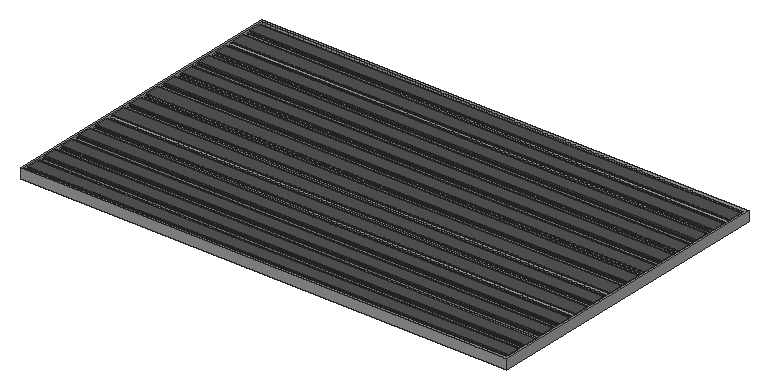
Revit family "Flooring_Entrance-Flooring_emco_MARSCHALL-Premium", category Furniture Systems, host Face, Revit 2018
Family settings
  Host = Face
  Round Connector Dimension = Use Diameter
  Part Type = Normal
  OmniClass Number = 23.15.17.11.11
  OmniClass Title = Floor Toppings
  Cut with Voids When Loaded = No
  Shared = No
  Room Calculation Point = No
Parameters (values of type "Default - please load Revit Family Type Catalog")
  z_slot_width = if(Scraping edge, 15 mm, if(Brush strip, 19.5 mm, 5 mm))  # 5 mm
  z_slot_offest = z_insert_width + z_slot_width / 2  # 32.5 mm
  z_slot_no [instance] = z_insert_no - 1  # 13
  z_length_param [instance] = z_insert_no * z_insert_offset - z_insert_offset + z_insert_width + 10 mm  # 495 mm
  z_insert_length [instance] = Width - 10 mm  # 790 mm
  z_insert_width = if(Large, 46.5 mm, 30 mm)  # 30 mm
  z_insert_offset = z_insert_width + z_slot_width  # 35 mm
  z_insert_no [instance] = rounddown((Length - 10 mm - z_insert_width) / z_insert_offset) + 1  # 14
  z_edge_height = if(Height 12, 15.5 mm, if(Height 17, 20 mm, 25 mm))  # 15.5 mm
  z_Height = if(Height 12, 12 mm, if(Height 17, 17 mm, 22 mm))  # 12 mm
  Width [instance] = 800 mm
  Weight (kg/m2) = 14.3
  Version = 1
  URL = "https://www.emco-bau.com/en/"
  Tread surface = "The robust and exceptionally abrasion-resistant Care insert for the effective reduction of fine dirt."
  Standard profile clearance approx. (mm) = "5 mm, rubber spacers"  # constant formula
  Slip resistance = "R 12 slip resistance as per DIN 51130"
  Scraping edge = no
  Profile width (mm) = "46.5 mm"
  Profile Material = Emco - Metal - Aluminium
  Product data url = "https://bimobject.com/emco-bautechnik-gmbh/product/emco-marschall-premium"
  Product Material info [instance] = "Please choose the material from Emco material library according to the selected type."  # constant formula
  Product Material [instance] = Emco - Fabric - Care - 47.01 Anthracite
  Pile material = "100% PA 6 (polyamide)"
  Normal = not(Large)  # yes
  Model = "Large With Care insert 522 PSL Care"
  Manufacturer = "Emco"  # constant formula
  Length [instance] = 500 mm
  Large = no
  Keynote = "12480.A1"
  Height 22 = no
  Height 17 = no
  Height 12 = yes
  Flammability = "Fire classification for the complete mat system Cfl-s1 in accordance with EN 13501"
  EPIMID = "99909"
  Description = "Rollable and hard-wearing premium entrance mat with performance insert for supported installation options."  # constant formula
  Default Elevation = 1219.2 mm
  Date Updated = "2023/08/22"  # constant formula
  Date Created = "2023/08/22"  # constant formula
  Colour fastness to water ISO 105 E01 = "good 4-5"
  Colour fastness to rubbing ISO 105 X12 = "good 4-5"
  Colour fastness to artificial light ISO 105-B02 = "good 5-6"
  Brush strip Colour Info [instance] = "Black or Gray"  # constant formula
  Brush strip Colour [instance] = Emco - Brush - Black
  Brush strip = no
  Assembly Code = "E2010400"
Reference planes
  plane 1 "Center (Front/Back)": y = 0
  plane 2: z = 0
  plane 3 "Center (Left/Right)": x = 0
  plane 4: y = -247.5
  plane 5: y = 247.5
  plane 6: y = 250
  plane 7: y = -250
  plane 8: x = -400
  plane 9: x = 400
  plane 10: z = -12.5
  plane 11: y = -242.5
  plane 12: z = -15.5
  plane 13: y = -210
Forms (mm)
  Extrusion 1, void
    sketch origin (0, 0, 0) x (1, 0, 0) y (0, 1, 0)
      loop
        line (-400, -247.5) -> (400, -247.5) -> (400, 247.5) -> (-400, 247.5) -> (-400, -247.5)
    from -15.5 to 0
  Sweep 2, solid, material "Emco - Metal - Aluminium" <- "Profile Material"
    path origin (0, 0, 0) x (1, 0, 0) y (0, 1, 0)
      loop
        line (-400, 247.5) -> (-400, -247.5) -> (400, -247.5) -> (400, 247.5) -> (-400, 247.5)
    profile origin (0, 247.5, 0) x (0, 1, 0) y (0, 0, 1)
      loop
        line (-16.883, -12.5) -> (-16.883, -15.5) -> (0, -15.5) -> (0, 0) -> (-3.039, 0) -> (-3.039, -12.5) -> (-16.883, -12.5)
Lines and regions (mm)
  Masking region 1
    outline origin (0, 0, 0) x (1, 0, 0) y (0, 1, 0)
      loop
        line (-400, -247.5) -> (400, -247.5) -> (400, 247.5) -> (-400, 247.5) -> (-400, -247.5)
      loop
        line (-395, 242.5) -> (-395, -242.5) -> (395, -242.5) -> (395, 242.5) -> (-395, 242.5)
  reference lines
    curve 1: line (0, 0, -15.5) -> (0, 0, 4.5)
Dimensions and locks
  equal spacing: plane 5, plane 1 "Center (Front/Back)", plane 4
  "z_length_param": plane 5 to plane 4
  equal spacing: plane 6, plane 1 "Center (Front/Back)", plane 7
  "Length": plane 6 to plane 7
  equal spacing: plane 8, plane 3 "Center (Left/Right)", plane 9
  "Width": plane 8 to plane 9
  locked: plane 10 to Sweep 2 sketch curve at 3
  "z_edge_height": Sweep 2 sketch curve to Sweep 2 sketch curve
  locked: Sweep 2 sketch curve to profile plane at 3.039
  locked: plane 11 to plane 4 at 5
  locked: plane 12 to plane 10 at 3
  "z_edge_height": level to plane 12
  "z_slot_offest": plane 13 to plane 11
  equal spacing: group 2, group 3, group 4, group 5, group 6, group 7, group 8, group 9, group 18, group 19, group 20, group 21, group 22  (x3)
  "z_insert_offset": nested 3 to plane 13
  locked: nested 1 to plane 4 at 5
  locked: plane 8 to Masking region 1 sketch curve at 5
  locked: plane 5 to Masking region 1 sketch curve at 5
  locked: Masking region 1 sketch curve to plane 9 at 5
  equal spacing: group 1, group 10, group 11, group 12, group 13, group 14, group 15, group 16, group 17, group 23, group 24, group 25, group 26, group 27  (x3)
  "z_insert_offset": plane 11 to nested 10
  aligned and locked: plane 2 to host face
  aligned and locked: level to host face
  aligned and locked: Extrusion 1 sketch curve to plane 4
  aligned and locked: Extrusion 1 sketch curve to plane 8
  aligned and locked: plane 5 to Extrusion 1 sketch curve
  aligned and locked: plane 9 to Extrusion 1 sketch curve
  aligned and locked: Sweep 2 sketch curve to plane 5
  aligned and locked: plane 8 to Sweep 2 sketch curve
  aligned and locked: plane 4 to Sweep 2 sketch curve
  aligned and locked: Sweep 2 sketch curve to plane 9
  aligned and locked: plane 10 to Sweep 2 sketch curve
  aligned and locked: Sweep 2 sketch curve to profile plane
  aligned and locked: nested 1 to plane 11
  aligned and locked: Extrusion 1 to Sweep 2
  aligned and locked: nested 2 to plane 13
  aligned and locked: nested 2 to plane 10
  aligned and locked: nested 3 to plane 10
  aligned and locked: Masking region 1 sketch curve to Sweep 2  (x4)
  aligned and locked: nested 1 to plane 10  (x2)
  aligned and locked: nested 10 to plane 10
Automatic sketch dimensions
  host sketch curve to host sketch curve = 2438.4 mm  (x2)
  Masking region 1 sketch curve to plane 11 = 0 mm
  curve 1 to plane 1 "Center (Front/Back)" = 0 mm
  plane 12 to curve 1 = 0 mm
  level to curve 1 = 4.5 mm
  Sweep 2 sketch curve to Sweep 2 sketch curve = 13.844 mm
Nested families
  nested 1: "Insert Marschall" at (0, -242.5, -12.5), type "Insert"
    with Normal yes, Large no
  nested 2: "Insert additional" at (0, -210, -12.5), type "Insert"
    with Insert width 5 mm, None yes, Insert length 790 mm, Brush strip no
  nested 3: "Insert additional" at (0, -175, -12.5), type "Insert"
    with Insert width 5 mm, None yes, Insert length 790 mm, Brush strip no
  nested 4: "Insert additional" at (0, -140, -12.5), type "Insert"
    with Insert width 5 mm, None yes, Insert length 790 mm, Brush strip no
  nested 5: "Insert additional" at (0, -105, -12.5), type "Insert"
    with Insert width 5 mm, None yes, Insert length 790 mm, Brush strip no
  nested 6: "Insert additional" at (0, -70, -12.5), type "Insert"
    with Insert width 5 mm, None yes, Insert length 790 mm, Brush strip no
  nested 7: "Insert additional" at (0, -35, -12.5), type "Insert"
    with Insert width 5 mm, None yes, Insert length 790 mm, Brush strip no
  nested 8: "Insert additional" at (0, 0, -12.5), type "Insert"
    with Insert width 5 mm, None yes, Insert length 790 mm, Brush strip no
  nested 9: "Insert additional" at (0, 35, -12.5), type "Insert"
    with Insert width 5 mm, None yes, Insert length 790 mm, Brush strip no
  nested 10: "Insert Marschall" at (0, -207.5, -12.5), type "Insert"
    with Normal yes, Large no
  nested 11: "Insert Marschall" at (0, -172.5, -12.5), type "Insert"
    with Normal yes, Large no
  nested 12: "Insert Marschall" at (0, -137.5, -12.5), type "Insert"
    with Normal yes, Large no
  nested 13: "Insert Marschall" at (0, -102.5, -12.5), type "Insert"
    with Normal yes, Large no
  nested 14: "Insert Marschall" at (0, -67.5, -12.5), type "Insert"
    with Normal yes, Large no
  nested 15: "Insert Marschall" at (0, -32.5, -12.5), type "Insert"
    with Normal yes, Large no
  nested 16: "Insert Marschall" at (0, 2.5, -12.5), type "Insert"
    with Normal yes, Large no
  nested 17: "Insert Marschall" at (0, 37.5, -12.5), type "Insert"
    with Normal yes, Large no
  nested 18: "Insert additional" at (0, 70, -12.5), type "Insert"
    with Insert width 5 mm, None yes, Insert length 790 mm, Brush strip no
  nested 19: "Insert additional" at (0, 105, -12.5), type "Insert"
    with Insert width 5 mm, None yes, Insert length 790 mm, Brush strip no
  nested 20: "Insert additional" at (0, 140, -12.5), type "Insert"
    with Insert width 5 mm, None yes, Insert length 790 mm, Brush strip no
  nested 21: "Insert additional" at (0, 175, -12.5), type "Insert"
    with Insert width 5 mm, None yes, Insert length 790 mm, Brush strip no
  nested 22: "Insert additional" at (0, 210, -12.5), type "Insert"
    with Insert width 5 mm, None yes, Insert length 790 mm, Brush strip no
  nested 23: "Insert Marschall" at (0, 72.5, -12.5), type "Insert"
    with Normal yes, Large no
  nested 24: "Insert Marschall" at (0, 107.5, -12.5), type "Insert"
    with Normal yes, Large no
  nested 25: "Insert Marschall" at (0, 142.5, -12.5), type "Insert"
    with Normal yes, Large no
  nested 26: "Insert Marschall" at (0, 177.5, -12.5), type "Insert"
    with Normal yes, Large no
  nested 27: "Insert Marschall" at (0, 212.5, -12.5), type "Insert"
    with Normal yes, Large no
Definition of nested family "Insert Marschall"
  Parameters (values of type "Insert")
    z_offest = if(Insert height < 17 mm, 5.9 mm, if(Insert height > 17 mm, 7.7 mm, 7.8 mm))  # 5.9 mm
    Insert width = 790 mm
    Profile material = none
    Normal = no
    Mat material = none
    Large = yes
    Insert height = 12 mm
    Default Elevation = 1219.2 mm
  Reference planes
    plane 1 "Center (Front/Back)": y = 0
    plane 2: z = 0
    plane 3 "Center (Left/Right)": x = 0
    plane 4: x = -395
    plane 5: x = 395
    plane 6: z = 12
    plane 7: z = 6.1
  Forms (mm)
    Extrusion 1, solid, material <- "Profile material", visible <- "Normal", detail levels fine
      sketch origin (0, 13.75, 0) x (0, 1, 0) y (0, 0, 1)
        loop
          line (-13.75, 1) -> (16.25, 1) -> (16.25, 9.55) -> (15, 10.8) -> (11.993, 10.8) -> (11.993, 9.6) -> (14, 9.6) -> (14, 6.1) -> (-11.5, 6.1) -> (-11.5, 9.6) -> (-9.5, 9.6) -> (-9.5, 10.8) -> (-12.5, 10.8) -> (-13.75, 9.55) -> (-13.75, 1)
        loop
          line (-11.75, 2) -> (14.25, 2) -> (14.25, 5.1) -> (-11.75, 5.1) -> (-11.75, 2)
      from -395 to 395
    Extrusion 2, solid, visible <- "Normal", detail levels fine
      sketch origin (0, 13.75, 0) x (0, 1, 0) y (0, 0, 1)
        loop
          line (-10.25, 0) -> (12.75, 0) -> (12.75, 1) -> (-10.25, 1) -> (-10.25, 0)
      from -395 to 395
    Extrusion 3, solid, material <- "Profile material", visible <- "Normal", detail levels coarse+medium
      sketch origin (0, 13.75, 0) x (0, 1, 0) y (0, 0, 1)
        loop
          line (-13.75, 0) -> (16.25, 0) -> (16.25, 12) -> (-13.75, 12) -> (-13.75, 0)
      from -395 to 395
    Extrusion 4, solid, material <- "Mat material", visible <- "Normal", detail levels fine
      sketch origin (0, 13.75, 0) x (0, 1, 0) y (0, 0, 1)
        loop
          line (-9.25, 12) -> (-9.25, 6.1) -> (11.75, 6.1) -> (11.75, 12) -> (-9.25, 12)
      from -395 to 395
    Extrusion 5, solid, material <- "Profile material", visible <- "Large", detail levels fine
      sketch origin (0, 22, 0) x (0, 1, 0) y (0, 0, 1)
        loop
          line (-22, 1) -> (24.5, 1) -> (24.5, 9.55) -> (23.25, 10.8) -> (20.243, 10.8) -> (20.243, 9.6) -> (22.25, 9.6) -> (22.25, 6.1) -> (-19.75, 6.1) -> (-19.75, 9.6) -> (-17.743, 9.6) -> (-17.743, 10.8) -> (-20.75, 10.8) -> (-22, 9.55) -> (-22, 1)
        loop
          line (-20, 2) -> (22.5, 2) -> (22.5, 5.1) -> (-20, 5.1) -> (-20, 2)
      from -395 to 395
    Extrusion 6, solid, visible <- "Large", detail levels fine
      sketch origin (0, 22, 0) x (0, 1, 0) y (0, 0, 1)
        loop
          line (-18.75, 0) -> (21.25, 0) -> (21.25, 1) -> (-18.75, 1) -> (-18.75, 0)
      from -395 to 395
    Extrusion 7, solid, material <- "Profile material", visible <- "Large", detail levels coarse+medium
      sketch origin (0, 22, 0) x (0, 1, 0) y (0, 0, 1)
        loop
          line (-22, 0) -> (24.5, 0) -> (24.5, 12) -> (-22, 12) -> (-22, 0)
      from -395 to 395
    Extrusion 8, solid, material <- "Mat material", visible <- "Large", detail levels fine
      sketch origin (0, 22, 0) x (0, 1, 0) y (0, 0, 1)
        loop
          line (-17.5, 12) -> (-17.5, 6.1) -> (20, 6.1) -> (20, 12) -> (-17.5, 12)
      from -395 to 395
  Lines and regions (mm)
    Masking region 1, visible <- "Large"
      outline origin (0, 0, 0) x (1, 0, 0) y (0, 1, 0)
        loop
          line (-395, 0) -> (395, 0) -> (395, 46.5) -> (-395, 46.5) -> (-395, 0)
    Masking region 2, visible <- "Normal"
      outline origin (0, 0, 0) x (1, 0, 0) y (0, 1, 0)
        loop
          line (-395, 0) -> (395, 0) -> (395, 30) -> (-395, 30) -> (-395, 0)
    symbolic lines, visible <- "Normal", detail levels fine
      curve 1: line (-395, 25.5, 0) -> (395, 25.5, 0)
    symbolic lines, detail levels fine
      curve 2: line (395, 4.5, 0) -> (-395, 4.5, 0)
    symbolic lines, visible <- "Large", detail levels fine
      curve 3: line (-395, 42, 0) -> (395, 42, 0)
  Dimensions and locks
    equal spacing: plane 4, plane 3 "Center (Left/Right)", plane 5
    "Insert width": plane 4 to plane 5
    "Insert height": plane 6 to level
    "z_offest": plane 6 to plane 7
    locked: plane 7 to Extrusion 1 sketch curve at 1
    Extrusion 1 sketch curve to Extrusion 1 sketch curve to level = 1 mm locked, 1 mm locked
    locked: Extrusion 2 sketch curve to level at 1
    locked: Extrusion 6 sketch curve to level at 1
    Extrusion 5 sketch curve to Extrusion 5 sketch curve to plane 7 = 1.2 mm locked, 3.5 mm locked  (x2)
    Extrusion 1 sketch curve to Extrusion 1 sketch curve to plane 7 = 1.2 mm locked, 3.5 mm locked  (x2)
    locked: Extrusion 1 sketch curve to plane 7 at 3.45  (x2)
    locked: plane 1 "Center (Front/Back)" to Extrusion 1 sketch curve at 1.25
    locked: plane 1 "Center (Front/Back)" to Extrusion 1 sketch curve at 28.75
    locked: Extrusion 5 sketch curve to plane 7 at 3.45  (x2)
    Extrusion 5 sketch curve to Extrusion 6 to level = 1 mm locked, 1 mm locked
    locked: plane 7 to Extrusion 5 sketch curve at 1
    aligned and locked: level to plane 2
    aligned and locked: Extrusion 8 to plane 4
    aligned and locked: Extrusion 7 to plane 4
    aligned and locked: Extrusion 4 to plane 4
    aligned and locked: Extrusion 3 to plane 4
    aligned and locked: Extrusion 5 to plane 4
    aligned and locked: Extrusion 1 to plane 4
    aligned and locked: Extrusion 6 to plane 4
    aligned and locked: Extrusion 2 to plane 4
    aligned and locked: plane 5 to Extrusion 8
    aligned and locked: plane 5 to Extrusion 7
    aligned and locked: plane 5 to Extrusion 3
    aligned and locked: plane 5 to Extrusion 4
    aligned and locked: plane 5 to Extrusion 5
    aligned and locked: plane 5 to Extrusion 1
    aligned and locked: plane 5 to Extrusion 6
    aligned and locked: plane 5 to Extrusion 2
    aligned and locked: Extrusion 7 sketch curve to level
    aligned and locked: plane 6 to Extrusion 7 sketch curve
    aligned and locked: plane 6 to Extrusion 3 sketch curve
    aligned and locked: Extrusion 3 sketch curve to level
    aligned and locked: plane 7 to Extrusion 4 sketch curve
    aligned and locked: Extrusion 4 sketch curve to plane 6
    aligned and locked: plane 7 to Extrusion 8 sketch curve
    aligned and locked: Extrusion 8 sketch curve to plane 6
    aligned and locked: Extrusion 5 sketch curve to plane 7
    aligned and locked: Extrusion 1 sketch curve to plane 7
    aligned and locked: Extrusion 7 to Masking region 1 sketch curve
    aligned and locked: Masking region 1 sketch curve to Extrusion 7
    aligned and locked: Extrusion 3 to Masking region 2 sketch curve
    aligned and locked: Masking region 2 sketch curve to Extrusion 3
  Automatic sketch dimensions
    Extrusion 2 sketch curve to level = 0 mm
    Extrusion 2 sketch curve to plane 1 "Center (Front/Back)" = 3.5 mm
    Extrusion 2 sketch curve to plane 1 "Center (Front/Back)" = 26.5 mm
    Extrusion 6 sketch curve to level = 0 mm
    Extrusion 6 sketch curve to plane 1 "Center (Front/Back)" = 3.25 mm
    Extrusion 6 sketch curve to plane 1 "Center (Front/Back)" = 43.25 mm
    plane 1 "Center (Front/Back)" to Extrusion 7 sketch curve = 0 mm
    Extrusion 7 sketch curve to plane 1 "Center (Front/Back)" = 46.5 mm
    Extrusion 3 sketch curve to plane 1 "Center (Front/Back)" = 0 mm
    Extrusion 3 sketch curve to plane 1 "Center (Front/Back)" = 30 mm
    Extrusion 4 sketch curve to plane 1 "Center (Front/Back)" = 4.5 mm
    Extrusion 4 sketch curve to plane 1 "Center (Front/Back)" = 25.5 mm
    Extrusion 8 sketch curve to plane 1 "Center (Front/Back)" = 4.5 mm
    Extrusion 8 sketch curve to plane 1 "Center (Front/Back)" = 42 mm
    curve 3 to plane 4 = 0 mm
    curve 2 to plane 4 = 0 mm
    curve 1 to plane 4 = 0 mm
    curve 2 to plane 5 = 0 mm
    curve 3 to plane 5 = 0 mm
    curve 1 to plane 5 = 0 mm
    curve 2 to plane 1 "Center (Front/Back)" = 4.5 mm
    curve 2 to curve 1 = 21 mm
    curve 1 to curve 3 = 16.5 mm
    Extrusion 1 sketch curve to plane 1 "Center (Front/Back)" = 2 mm
    Extrusion 1 sketch curve to Extrusion 1 sketch curve = 0.25 mm  (x2)
    Extrusion 1 sketch curve to Extrusion 1 sketch curve = 2 mm  (x2)
    Extrusion 1 sketch curve to Extrusion 1 sketch curve = 2.007 mm
    Extrusion 1 sketch curve to plane 1 "Center (Front/Back)" = 0 mm
    Extrusion 1 sketch curve to Extrusion 1 sketch curve = 1.25 mm
    Extrusion 5 sketch curve to plane 1 "Center (Front/Back)" = 0 mm
    Extrusion 5 sketch curve to plane 1 "Center (Front/Back)" = 1.25 mm
    Extrusion 5 sketch curve to plane 1 "Center (Front/Back)" = 2 mm
    Extrusion 5 sketch curve to Extrusion 5 sketch curve = 1 mm  (x2)
    Extrusion 5 sketch curve to Extrusion 5 sketch curve = 2.007 mm  (x2)
    Extrusion 5 sketch curve to Extrusion 5 sketch curve = 37.985 mm
    Extrusion 5 sketch curve to Extrusion 5 sketch curve = 0.25 mm
    Extrusion 5 sketch curve to Extrusion 5 sketch curve = 1.25 mm
    level to Extrusion 5 sketch curve = 1 mm
    plane 1 "Center (Front/Back)" to Masking region 1 sketch curve = 0 mm
    Masking region 1 sketch curve to plane 1 "Center (Front/Back)" = 46.5 mm
    plane 1 "Center (Front/Back)" to Masking region 2 sketch curve = 0 mm
    Masking region 2 sketch curve to plane 1 "Center (Front/Back)" = 30 mm
Definition of nested family "Insert additional"
  Parameters (values of type "Insert")
    z_offest = if(Insert height < 17 mm, 4.5 mm, if(Insert height > 17 mm, 10.6 mm, 7.8 mm))  # 4.5 mm
    Insert width = 19.003 mm
    Scraping_edge_17/22 = and(or(Insert height = 17 mm, Insert height = 22 mm), Scraping edge)  # no
    Scraping_edge_12 = and(Insert height = 12 mm, Scraping edge)  # no
    Scraping edge = no
    None = not(or(Brush strip, Scraping edge))  # no
    Insert length = 800 mm
    Profile material = none
    Insert height = 12 mm
    Brush strip material = none
    Brush strip = yes
  Reference planes
    plane 1 "Center (Front/Back)": y = 0
    plane 2: z = 0
    plane 3 "Center (Left/Right)": x = 0
    plane 4: x = -400
    plane 5: x = 400
    plane 6: z = 12
    plane 7: z = 7.5
    plane 8: y = -9.502
    plane 9: y = 9.502
  Forms (mm)
    Extrusion 1, solid, material <- "Profile material", visible <- "Brush strip", detail levels fine
      sketch origin (0, 0, 0) x (0, 1, 0) y (0, 0, 1)
        loop
          line (-4.75, 1) -> (4.75, 1) -> (4.75, 8.3)
          arc (4.75, 8.3) -> (4.369, 9.219) -> (3.45, 9.6) r 1.3
          line (3.45, 9.6) -> (2.1, 9.6) -> (2.1, 8.6) -> (3.75, 8.6) -> (3.75, 5.6) -> (-3.75, 5.6) -> (-3.75, 8.6) -> (-2.1, 8.6) -> (-2.1, 9.6) -> (-3.45, 9.6)
          arc (-3.45, 9.6) -> (-4.369, 9.219) -> (-4.75, 8.3) r 1.3
          line (-4.75, 8.3) -> (-4.75, 1)
        loop
          line (3.75, 4.6) -> (-3.75, 4.6) -> (-3.75, 2.4) -> (3.75, 2.4) -> (3.75, 4.6)
      from -400 to 400
    Extrusion 2, solid, material <- "Profile material", visible <- "Brush strip", detail levels coarse+medium
      sketch origin (0, 0, 0) x (0, 1, 0) y (0, 0, 1)
        loop
          line (-4.75, 1) -> (4.75, 1) -> (4.75, 12) -> (-4.75, 12) -> (-4.75, 1)
      from -400 to 400
    Extrusion 3, solid, material <- "Brush strip material", visible <- "Brush strip", detail levels fine
      sketch origin (0, 0, 0) x (0, 1, 0) y (0, 0, 1)
        loop
          line (-2, 12) -> (-2, 7.5) -> (2, 7.5) -> (2, 12) -> (-2, 12)
      from -400 to 400
    Extrusion 4, solid, visible <- "Brush strip"
      sketch origin (0, 0, 0) x (0, 1, 0) y (0, 0, 1)
        loop
          line (-9.502, 1.25) -> (-4.75, 1.25) -> (-4.75, 7.5) -> (-9.502, 7.5) -> (-9.502, 1.25)
        loop
          line (4.75, 1.25) -> (9.502, 1.25) -> (9.502, 7.5) -> (4.75, 7.5) -> (4.75, 1.25)
      from -400 to 400
    Extrusion 5, solid, visible <- "None"
      sketch origin (0, 0, 0) x (0, 1, 0) y (0, 0, 1)
        loop
          line (-2.5, 1.25) -> (2.5, 1.25) -> (2.5, 7.5) -> (-2.5, 7.5) -> (-2.5, 1.25)
      from -400 to 400
    Extrusion 6, solid, material <- "Profile material", visible <- "Scraping_edge_17/22"
      sketch origin (0, 0, 0) x (0, 1, 0) y (0, 0, 1)
        loop
          line (-1.5, 1) -> (1.5, 1) -> (1.5, 4.831)
          arc (1.5, 4.831) -> (1.894, 6.584) -> (3, 8) r 4.097
          line (3, 8) -> (3, 10) -> (2, 11) -> (0, 9) -> (-2, 11) -> (-3, 10) -> (-3, 8)
          arc (-3, 8) -> (-1.894, 6.584) -> (-1.5, 4.831) r 4.097
          line (-1.5, 4.831) -> (-1.5, 1)
      from -400 to 400
    Extrusion 7, solid, visible <- "Scraping edge"
      sketch origin (0, 0, 0) x (0, 1, 0) y (0, 0, 1)
        loop
          line (-9.502, 1.25) -> (-1.5, 1.25) -> (-1.5, 7.5) -> (-9.502, 7.5) -> (-9.502, 1.25)
        loop
          line (1.5, 1.25) -> (9.502, 1.25) -> (9.502, 7.5) -> (1.5, 7.5) -> (1.5, 1.25)
      from -400 to 400
    Extrusion 8, solid, material <- "Profile material", visible <- "Scraping_edge_12"
      sketch origin (0, 0, 0) x (0, 1, 0) y (0, 0, 1)
        loop
          line (-1.5, 1) -> (1.5, 1) -> (1.5, 8.5) -> (2.482, 9.732) -> (2, 11.5) -> (1, 10.5) -> (0, 11.5) -> (-1, 10.5) -> (-2, 11.5) -> (-2.482, 9.732) -> (-1.5, 8.5) -> (-1.5, 1)
      from -400 to 400
  Lines and regions (mm)
    Masking region 1
      outline origin (0, 0, 0) x (1, 0, 0) y (0, 1, 0)
        loop
          line (-400, -9.502) -> (400, -9.502) -> (400, 9.502) -> (-400, 9.502) -> (-400, -9.502)
    reference lines
      curve 1: line (0, -9.502, 0) -> (0, 9.502, 0)
    symbolic lines, visible <- "Brush strip", detail levels fine
      curve 2: line (-400, 4.75, 0) -> (400, 4.75, 0)
      curve 3: line (400, -4.75, 0) -> (-400, -4.75, 0)
      curve 4: line (-400, -2, 0) -> (400, -2, 0)
      curve 5: line (400, 2, 0) -> (-400, 2, 0)
    symbolic lines, visible <- "Scraping edge", detail levels fine
      curve 6: line (-400, 2.482, 0) -> (400, 2.482, 0)
      curve 7: line (400, -2.482, 0) -> (-400, -2.482, 0)
      curve 8: line (-400, 0, 0) -> (400, 0, 0)
  Dimensions and locks
    equal spacing: plane 4, plane 3 "Center (Left/Right)", plane 5
    "Insert length": plane 4 to plane 5
    "Insert height": plane 6 to level
    "z_offest": plane 6 to plane 7
    locked: Extrusion 2 sketch curve to level at 1
    plane 6 to Extrusion 6 sketch curve to Extrusion 6 sketch curve to Extrusion 6 sketch curve to Extrusion 6 sketch curve to Extrusion 6 sketch curve to Extrusion 6 sketch curve to Extrusion 6 sketch curve = 1 mm locked, 0 mm locked, 1 mm locked, 0 mm locked, 1 mm locked, 1 mm locked, 0 mm locked
    Extrusion 1 sketch curve to Extrusion 1 sketch curve to level = 1.4 mm locked, 1 mm locked
    plane 7 to Extrusion 1 sketch curve to Extrusion 1 sketch curve = 1.9 mm locked, 1 mm locked
    plane 6 to Extrusion 1 sketch curve to Extrusion 1 sketch curve to Extrusion 1 sketch curve to Extrusion 1 sketch curve = 2.4 mm locked, 0 mm locked, 1 mm locked, 0 mm locked
    Extrusion 4 sketch curve to Extrusion 4 sketch curve to level = 0 mm locked, 1.25 mm locked
    Extrusion 7 sketch curve to Extrusion 7 sketch curve to level = 0 mm locked, 1.25 mm locked
    locked: Extrusion 5 sketch curve to level at 1.25
    Extrusion 6 sketch curve to plane 1 "Center (Front/Back)" to Extrusion 6 sketch curve = 3 mm locked, 3 mm locked
    Extrusion 6 sketch curve to plane 1 "Center (Front/Back)" to Extrusion 6 sketch curve = 1.5 mm locked, 1.5 mm locked
    plane 6 to Extrusion 6 sketch curve to Extrusion 6 sketch curve = 7.169 mm locked, 0 mm locked
    Extrusion 8 sketch curve to Extrusion 8 sketch curve to Extrusion 8 sketch curve to Extrusion 8 sketch curve to Extrusion 8 sketch curve to Extrusion 8 sketch curve to Extrusion 8 sketch curve to Extrusion 8 sketch curve to Extrusion 8 sketch curve to Extrusion 8 sketch curve to level = 0 mm locked, 0 mm locked, 1 mm locked, 0 mm locked, 0.768 mm locked, 0 mm locked, 1.232 mm locked, 0 mm locked, 7.5 mm locked, 1 mm locked
    Extrusion 8 sketch curve to plane 1 "Center (Front/Back)" to Extrusion 8 sketch curve = 1.5 mm locked, 1.5 mm locked
    Extrusion 8 sketch curve to Extrusion 8 sketch curve to Extrusion 8 sketch curve to plane 1 "Center (Front/Back)" to Extrusion 8 sketch curve to Extrusion 8 sketch curve to Extrusion 8 sketch curve = 0.482 mm locked, 1 mm locked, 1 mm locked, 1 mm locked, 1 mm locked, 0.482 mm locked
    equal spacing: plane 8, plane 1 "Center (Front/Back)", plane 9
    "Insert width": plane 8 to plane 9
    Extrusion 7 sketch curve to plane 1 "Center (Front/Back)" to Extrusion 7 sketch curve = 1.5 mm locked, 1.5 mm locked
    locked: Extrusion 6 sketch curve to level at 1
    aligned and locked: level to plane 2
    aligned and locked: Extrusion 3 to plane 4
    aligned and locked: Extrusion 2 to plane 4
    aligned and locked: Extrusion 1 to plane 4
    aligned and locked: plane 5 to Extrusion 3
    aligned and locked: plane 5 to Extrusion 2
    aligned and locked: plane 5 to Extrusion 1
    aligned and locked: plane 6 to Extrusion 2 sketch curve
    aligned and locked: plane 7 to Extrusion 3 sketch curve
    aligned and locked: Extrusion 3 sketch curve to plane 6
    aligned and locked: plane 7 to Extrusion 4 sketch curve
    aligned and locked: Extrusion 4 to plane 4
    aligned and locked: plane 5 to Extrusion 4
    aligned and locked: plane 7 to Extrusion 5 sketch curve
    aligned and locked: plane 5 to Extrusion 5
    aligned and locked: Extrusion 5 to plane 4
    aligned and locked: plane 7 to Extrusion 7 sketch curve  (x2)
    aligned and locked: plane 1 "Center (Front/Back)" to Extrusion 8 sketch curve
    aligned and locked: plane 8 to Extrusion 7 sketch curve
    aligned and locked: plane 9 to Extrusion 7 sketch curve
    aligned and locked: curve 1 to level
    aligned and locked: Extrusion 7 to plane 4
    aligned and locked: Extrusion 6 to plane 4
    aligned and locked: Extrusion 8 to plane 4
    aligned and locked: plane 5 to Extrusion 7
    aligned and locked: plane 5 to Extrusion 6
    aligned and locked: plane 5 to Extrusion 8
    aligned and locked: plane 9 to Extrusion 4 sketch curve
    aligned and locked: plane 8 to Extrusion 4 sketch curve
    aligned and locked: Masking region 1 sketch curve to Extrusion 4  (x4)
  Automatic sketch dimensions
    plane 1 "Center (Front/Back)" to Extrusion 1 sketch curve = 3.75 mm
    Extrusion 1 sketch curve to Extrusion 1 sketch curve = 1 mm  (x2)
    Extrusion 1 sketch curve to Extrusion 1 sketch curve = 0.3 mm  (x3)
    Extrusion 1 sketch curve to Extrusion 1 sketch curve = 1.35 mm  (x2)
    Extrusion 1 sketch curve to plane 1 "Center (Front/Back)" = 2.1 mm
    Extrusion 1 sketch curve to plane 1 "Center (Front/Back)" = 3.75 mm
    plane 1 "Center (Front/Back)" to Extrusion 3 sketch curve = 2 mm
    Extrusion 3 sketch curve to plane 1 "Center (Front/Back)" = 2 mm
    plane 1 "Center (Front/Back)" to Extrusion 2 sketch curve = 4.75 mm
    Extrusion 2 sketch curve to plane 1 "Center (Front/Back)" = 4.75 mm
    Extrusion 6 sketch curve to plane 1 "Center (Front/Back)" = 0 mm
    curve 1 to plane 8 = 0 mm
    curve 1 to plane 9 = 0 mm
    Extrusion 4 sketch curve to plane 7 = 0 mm
    plane 1 "Center (Front/Back)" to Extrusion 4 sketch curve = 4.75 mm
    Extrusion 4 sketch curve to plane 1 "Center (Front/Back)" = 4.75 mm
    curve 2 to plane 4 = 0 mm
    plane 1 "Center (Front/Back)" to curve 8 = 0 mm
    curve 8 to plane 4 = 0 mm
    curve 7 to plane 4 = 0 mm
    curve 3 to plane 4 = 0 mm
    curve 4 to plane 4 = 0 mm
    curve 6 to plane 4 = 0 mm
    curve 5 to plane 4 = 0 mm
    curve 4 to plane 5 = 0 mm
    curve 6 to plane 5 = 0 mm
    curve 7 to plane 5 = 0 mm
    curve 3 to plane 5 = 0 mm
    curve 2 to plane 5 = 0 mm
    curve 8 to plane 5 = 0 mm
    curve 5 to plane 5 = 0 mm
    plane 1 "Center (Front/Back)" to curve 4 = 2 mm
    curve 7 to curve 4 = 0.482 mm
    curve 3 to curve 7 = 2.268 mm
    curve 5 to plane 1 "Center (Front/Back)" = 2 mm
    curve 5 to curve 6 = 0.482 mm
    curve 6 to curve 2 = 2.268 mm
    plane 1 "Center (Front/Back)" to Extrusion 5 sketch curve = 2.5 mm
    Extrusion 5 sketch curve to plane 1 "Center (Front/Back)" = 2.5 mm
Types in the file's own list only (69): name | z_slot_width | z_slot_offest | z_insert_width | z_insert_offset | z_edge_height | z_Height | Weight (kg/m2) | Tread surface | Slip resistance | Scraping edge | Profile width (mm) | Pile material | Normal | Model | Large | Height 22 | Height 17 | Height 12 | Flammability | EPIMID | Default Elevation | Colour fastness to water ISO 105 E01 | Colour fastness to rubbing ISO 105 X12 | Colour fastness to artificial light ISO 105-B02 | Brush strip
  Large With Care insert 512 PSL Care | 5 mm | 49 mm | 47 mm | 52 mm | 16 mm | 12 mm | 10.6 | "The robust and exceptionally abrasion-resistant Care insert for the effective reduction of fine dirt." | "R 12 slip resistance as per DIN 51130" | No | "46.5 mm" | "100% PA 6 (polyamide)" | No | "Large With Care insert 512 PSL Care" | Yes | No | No | Yes | "Fire classification for the complete mat system Cfl-s1 in accordance with EN 13501" | "99905" | 1219 mm | "good 4-5" | "good 4-5" | "good 5-6" | No
  Large With Care insert 517 PSL Care | 5 mm | 49 mm | 47 mm | 52 mm | 20 mm | 17 mm | 131 | "The robust and exceptionally abrasion-resistant Care insert for the effective reduction of fine dirt." | "R 12 slip resistance as per DIN 51130" | No | "46.5 mm" | "100% PA 6 (polyamide)" | No | "Large With Care insert 517 PSL Care" | Yes | No | Yes | No | "Fire classification for the complete mat system Cfl-s1 in accordance with EN 13501" | "99907" | 1219 mm | "good 4-5" | "good 4-5" | "good 5-6" | No
  Large With Conform insert 512 PSL Conform | 5 mm | 49 mm | 47 mm | 52 mm | 16 mm | 12 mm | 10.8 | "The Conform insert made of recycled materials is the perfect complement to wooden surroundings and can be used in a whole host of environments." | "R 12 slip resistance as per DIN 51130" | No | "46.5 mm" | "100% PA 6 (polyamide)" | No | "Large With Conform insert 512 PSL Conform" | Yes | No | No | Yes | "Fire classification for the complete mat system Cfl-s1 in accordance with EN 13501" | "99911" | 1219 mm | "-" | "-" | "-" | No
  Large With Conform insert 517 PSL Conform | 5 mm | 49 mm | 47 mm | 52 mm | 20 mm | 17 mm | 13.8 | "The Conform insert made of recycled materials is the perfect complement to wooden surroundings and can be used in a whole host of environments." | "R 12 slip resistance as per DIN 51130" | No | "46.5 mm" | "100% PA 6 (polyamide)" | No | "Large With Conform insert 517 PSL Conform" | Yes | No | Yes | No | "Fire classification for the complete mat system Cfl-s1 in accordance with EN 13501" | "99913" | 1219 mm | "-" | "-" | "-" | No
  Large With Conform insert 522 PSL Conform | 5 mm | 49 mm | 47 mm | 52 mm | 25 mm | 22 mm | 14.5 | "The Conform insert made of recycled materials is the perfect complement to wooden surroundings and can be used in a whole host of environments." | "R 12 slip resistance as per DIN 51130" | No | "46.5 mm" | "100% PA 6 (polyamide)" | No | "Large With Conform insert 522 PSL Conform" | Yes | Yes | No | No | "Fire classification for the complete mat system Cfl-s1 in accordance with EN 13501" | "99915" | 1219 mm | "-" | "-" | "-" | No
  Large With Conform insert and brush strip 517 PSL Conform B | 20 mm | 56 mm | 47 mm | 66 mm | 20 mm | 17 mm | 131 | "The Conform insert made of recycled materials is the perfect complement to wooden surroundings and can be used in a whole host of environments. The additional profile increases the cleaning power." | "-" | No | "46.5 mm" | "100% PA 6 (polyamide)" | No | "Large With Conform insert and brush strip 517 PSL Conform B" | Yes | No | Yes | No | "Insert with fire classification Cfl-s1 according to EN 13501." | "105831" | 1219 mm | "-" | "-" | "-" | Yes
  Large With Conform insert and brush strip 522 PSL Conform B | 20 mm | 56 mm | 47 mm | 66 mm | 25 mm | 22 mm | 14.5 | "The Conform insert made of recycled materials is the perfect complement to wooden surroundings and can be used in a whole host of environments. The additional profile increases the cleaning power." | "-" | No | "46.5 mm" | "100% PA 6 (polyamide)" | No | "Large With Conform insert and brush strip 522 PSL Conform B" | Yes | Yes | No | No | "Insert with fire classification Cfl-s1 according to EN 13501." | "105832" | 1219 mm | "-" | "-" | "-" | Yes
  Large With Conform insert and scraping edge 512 PSL Conform K | 15 mm | 54 mm | 47 mm | 62 mm | 16 mm | 12 mm | 10.5 | "The Conform insert made of recycled materials is the perfect complement to wooden surroundings and can be used in a whole host of environments. The additional profile increases the cleaning power." | "-" | Yes | "46.5 mm" | "100% PA 6 (polyamide)" | No | "Large With Conform insert and scraping edge 512 PSL Conform K" | Yes | No | No | Yes | "Insert with fire classification Cfl-s1 according to EN 13501." | "105828" | 1219 mm | "-" | "-" | "-" | No
  Large With Conform insert and scraping edge 517 PSL Conform K | 15 mm | 54 mm | 47 mm | 62 mm | 20 mm | 17 mm | 13.4 | "The Conform insert made of recycled materials is the perfect complement to wooden surroundings and can be used in a whole host of environments. The additional profile increases the cleaning power." | "-" | Yes | "46.5 mm" | "100% PA 6 (polyamide)" | No | "Large With Conform insert and scraping edge 517 PSL Conform K" | Yes | No | Yes | No | "Insert with fire classification Cfl-s1 according to EN 13501." | "105829" | 1219 mm | "-" | "-" | "-" | No
  Large With Conform insert and scraping edge 522 PSL Conform K | 15 mm | 54 mm | 47 mm | 62 mm | 25 mm | 22 mm | 15.2 | "The Conform insert made of recycled materials is the perfect complement to wooden surroundings and can be used in a whole host of environments. The additional profile increases the cleaning power." | "-" | Yes | "46.5 mm" | "100% PA 6 (polyamide)" | No | "Large With Conform insert and scraping edge 522 PSL Conform K" | Yes | Yes | No | No | "Insert with fire classification Cfl-s1 according to EN 13501." | "105830" | 1219 mm | "-" | "-" | "-" | No
  Large With Innova insert 512 PSL Innova | 5 mm | 49 mm | 47 mm | 52 mm | 16 mm | 12 mm | 10.9 | "The exceptionally flexible Innova insert not only creates a sophisticated impression but also improves room acoustics." | "R 12 slip resistance as per DIN 51130" | No | "46.5 mm" | "100% PA 6 (polyamide)" | No | "Large With Innova insert 512 PSL Innova" | Yes | No | No | Yes | "Fire classification for the complete mat system Cfl-s1 in accordance with EN 13501" | "99917" | 1219 mm | "good 4-5" | "good 4-5" | "good 5-6" | No
  Large With Innova insert 517 PSL Innova | 5 mm | 49 mm | 47 mm | 52 mm | 20 mm | 17 mm | 12.9 | "The exceptionally flexible Innova insert not only creates a sophisticated impression but also improves room acoustics." | "R 12 slip resistance as per DIN 51130" | No | "46.5 mm" | "100% PA 6 (polyamide)" | No | "Large With Innova insert 517 PSL Innova" | Yes | No | Yes | No | "Fire classification for the complete mat system Cfl-s1 in accordance with EN 13501" | "99919" | 1219 mm | "good 4-5" | "good 4-5" | "good 5-6" | No
  Large With Innova insert 522 PSL Innova | 5 mm | 49 mm | 47 mm | 52 mm | 25 mm | 22 mm | 141 | "The exceptionally flexible Innova insert not only creates a sophisticated impression but also improves room acoustics." | "R 12 slip resistance as per DIN 51130" | No | "46.5 mm" | "100% PA 6 (polyamide)" | No | "Large With Innova insert 522 PSL Innova" | Yes | Yes | No | No | "Fire classification for the complete mat system Cfl-s1 in accordance with EN 13501" | "99921" | 1219 mm | "good 4-5" | "good 4-5" | "good 5-6" | No
  Large With Innova insert and brush strip 517 PSL Innova B | 20 mm | 56 mm | 47 mm | 66 mm | 20 mm | 17 mm | 12.8 | "The exceptionally flexible Innova insert not only creates a sophisticated impression but also improves room acoustics. The additional profile increases the cleaning power." | "-" | No | "46.5 mm" | "100% PA 6 (polyamide)" | No | "Large With Innova insert and brush strip 517 PSL Innova B" | Yes | No | Yes | No | "Insert with fire classification Cfl-s1 according to EN 13501." | "105841" | 1219 mm | "-" | "-" | "-" | Yes
  Large With Innova insert and brush strip 522 PSL Innova B | 20 mm | 56 mm | 47 mm | 66 mm | 25 mm | 22 mm | 142 | "The exceptionally flexible Innova insert not only creates a sophisticated impression but also improves room acoustics. The additional profile increases the cleaning power." | "-" | No | "46.5 mm" | "100% PA 6 (polyamide)" | No | "Large With Innova insert and brush strip 522 PSL Innova B" | Yes | Yes | No | No | "Insert with fire classification Cfl-s1 according to EN 13501." | "105842" | 1219 mm | "-" | "-" | "-" | Yes
  Large With Innova insert and scraping edge 512 PSL Innova K | 15 mm | 54 mm | 47 mm | 62 mm | 16 mm | 12 mm | 10.3 | "The exceptionally flexible Innova insert not only creates a sophisticated impression but also improves room acoustics. The additional profile increases the cleaning power." | "-" | Yes | "46.5 mm" | "100% PA 6 (polyamide)" | No | "Large With Innova insert and scraping edge 512 PSL Innova K" | Yes | No | No | Yes | "Insert with fire classification Cfl-s1 according to EN 13501." | "105838" | 1219 mm | "-" | "-" | "-" | No
  Large With Innova insert and scraping edge 517 PSL Innova K | 15 mm | 54 mm | 47 mm | 62 mm | 20 mm | 17 mm | 131 | "The exceptionally flexible Innova insert not only creates a sophisticated impression but also improves room acoustics. The additional profile increases the cleaning power." | "-" | Yes | "46.5 mm" | "100% PA 6 (polyamide)" | No | "Large With Innova insert and scraping edge 517 PSL Innova K" | Yes | No | Yes | No | "Insert with fire classification Cfl-s1 according to EN 13501." | "105839" | 1219 mm | "-" | "-" | "-" | No
  Large With Innova insert and scraping edge 522 PSL Innova K | 15 mm | 54 mm | 47 mm | 62 mm | 25 mm | 22 mm | 14.9 | "The exceptionally flexible Innova insert not only creates a sophisticated impression but also improves room acoustics. The additional profile increases the cleaning power." | "-" | Yes | "46.5 mm" | "100% PA 6 (polyamide)" | No | "Large With Innova insert and scraping edge 522 PSL Innova K" | Yes | Yes | No | No | "Insert with fire classification Cfl-s1 according to EN 13501." | "105840" | 1219 mm | "-" | "-" | "-" | No
  Large With Maximus insert and brush strip 517 PSL Maximus B | 20 mm | 56 mm | 47 mm | 66 mm | 20 mm | 17 mm | 13 | "Embedded, robust MAXIMUS inserts in Bfl-S1 quality (clean-off floor covering made from special polyamide yarn, 100%)" | "-" | No | "46.5 mm" | "100% PA 6.6 (polyamide)" | No | "Large With Maximus insert and brush strip 517 PSL Maximus B" | Yes | No | Yes | No | "Insert with fire classification Bfl-s1 according to EN 13501." | "105819" | 1219 mm | "-" | "-" | "-" | Yes
  Large With Maximus insert and brush strip 517 PSL Maximus Image B | 20 mm | 56 mm | 47 mm | 66 mm | 20 mm | 17 mm | 13 | "Embedded, robust MAXIMUS inserts in Bfl-S1 quality (clean-off floor covering made from special polyamide yarn, 100%)" | "-" | No | "46.5 mm" | "100% PA 6.6 (polyamide)" | No | "Large With Maximus insert and brush strip 517 PSL Maximus Image B" | Yes | No | Yes | No | "Insert with fire classification Bfl-s1 according to EN 13501." | "105820" | 1219 mm | "-" | "-" | "-" | Yes
  Large With Maximus insert and brush strip 522 PSL Maximus B | 20 mm | 56 mm | 47 mm | 66 mm | 25 mm | 22 mm | 14.4 | "Embedded, robust MAXIMUS inserts in Bfl-S1 quality (clean-off floor covering made from special polyamide yarn, 100%)" | "-" | No | "46.5 mm" | "100% PA 6.6 (polyamide)" | No | "Large With Maximus insert and brush strip 522 PSL Maximus B" | Yes | Yes | No | No | "Insert with fire classification Bfl-s1 according to EN 13501." | "105821" | 1219 mm | "-" | "-" | "-" | Yes
  Large With Maximus insert and brush strip 522 PSL Maximus Image B | 20 mm | 56 mm | 47 mm | 66 mm | 25 mm | 22 mm | 14.4 | "Embedded, robust MAXIMUS inserts in Bfl-S1 quality (clean-off floor covering made from special polyamide yarn, 100%)" | "-" | No | "46.5 mm" | "100% PA 6.6 (polyamide)" | No | "Large With Maximus insert and brush strip 522 PSL Maximus Image B" | Yes | Yes | No | No | "Insert with fire classification Bfl-s1 according to EN 13501." | "105822" | 1219 mm | "-" | "-" | "-" | Yes
  Large With Maximus insert and scraping edge 512 PSL Maximus Image K | 15 mm | 54 mm | 47 mm | 62 mm | 16 mm | 12 mm | 10.9 | "Embedded, robust MAXIMUS inserts in Bfl-S1 quality (clean-off floor covering made from special polyamide yarn, 100%)" | "-" | Yes | "46.5 mm" | "100% PA 6.6 (polyamide)" | No | "Large With Maximus insert and scraping edge 512 PSL Maximus Image K" | Yes | No | No | Yes | "Insert with fire classification Bfl-s1 according to EN 13501." | "105814" | 1219 mm | "-" | "-" | "-" | No
  Large With Maximus insert and scraping edge 512 PSL Maximus K | 15 mm | 54 mm | 47 mm | 62 mm | 16 mm | 12 mm | 10.9 | "Embedded, robust MAXIMUS inserts in Bfl-S1 quality (clean-off floor covering made from special polyamide yarn, 100%)" | "-" | Yes | "46.5 mm" | "100% PA 6.6 (polyamide)" | No | "Large With Maximus insert and scraping edge 512 PSL Maximus K" | Yes | No | No | Yes | "Insert with fire classification Bfl-s1 according to EN 13501." | "105813" | 1219 mm | "-" | "-" | "-" | No
  Large With Maximus insert and scraping edge 517 PSL Maximus Image K | 15 mm | 54 mm | 47 mm | 62 mm | 20 mm | 17 mm | 13.9 | "Embedded, robust MAXIMUS inserts in Bfl-S1 quality (clean-off floor covering made from special polyamide yarn, 100%)" | "-" | Yes | "46.5 mm" | "100% PA 6.6 (polyamide)" | No | "Large With Maximus insert and scraping edge 517 PSL Maximus Image K" | Yes | No | Yes | No | "Insert with fire classification Bfl-s1 according to EN 13501." | "105816" | 1219 mm | "-" | "-" | "-" | No
  Large With Maximus insert and scraping edge 517 PSL Maximus K | 15 mm | 54 mm | 47 mm | 62 mm | 20 mm | 17 mm | 13.9 | "Embedded, robust MAXIMUS inserts in Bfl-S1 quality (clean-off floor covering made from special polyamide yarn, 100%)" | "-" | Yes | "46.5 mm" | "100% PA 6.6 (polyamide)" | No | "Large With Maximus insert and scraping edge 517 PSL Maximus K" | Yes | No | Yes | No | "Insert with fire classification Bfl-s1 according to EN 13501." | "105815" | 1219 mm | "-" | "-" | "-" | No
  Large With Maximus insert and scraping edge 522 PSL Maximus Image K | 15 mm | 54 mm | 47 mm | 62 mm | 25 mm | 22 mm | 15.8 | "Embedded, robust MAXIMUS inserts in Bfl-S1 quality (clean-off floor covering made from special polyamide yarn, 100%)" | "-" | Yes | "46.5 mm" | "100% PA 6.6 (polyamide)" | No | "Large With Maximus insert and scraping edge 522 PSL Maximus Image K" | Yes | Yes | No | No | "Insert with fire classification Bfl-s1 according to EN 13501." | "105818" | 1219 mm | "-" | "-" | "-" | No
  Large With Maximus insert and scraping edge 522 PSL Maximus K | 15 mm | 54 mm | 47 mm | 62 mm | 25 mm | 22 mm | 15.8 | "Embedded, robust MAXIMUS inserts in Bfl-S1 quality (clean-off floor covering made from special polyamide yarn, 100%)" | "-" | Yes | "46.5 mm" | "100% PA 6.6 (polyamide)" | No | "Large With Maximus insert and scraping edge 522 PSL Maximus K" | Yes | Yes | No | No | "Insert with fire classification Bfl-s1 according to EN 13501." | "105817" | 1219 mm | "-" | "-" | "-" | No
  Large With Outdoor insert 512 PSL Outdoor | 5 mm | 49 mm | 47 mm | 52 mm | 16 mm | 12 mm | 10.1 | "The weather-resistant Outdoor insert for noticeably thorough removal of coarse dirt." | "R 11 slip resistance as per DIN 51130" | No | "46.5 mm" | "100% PA 6 (polyamide)" | No | "Large With Outdoor insert 512 PSL Outdoor" | Yes | No | No | Yes | "Fire classification for the complete mat system Cfl-s1 in accordance with EN 13501" | "99931" | 1219 mm | "good 4-5" | "good 4-5" | "excellent 7" | No
  Large With Outdoor insert 517 PSL Outdoor | 5 mm | 49 mm | 47 mm | 52 mm | 20 mm | 17 mm | 12.6 | "The weather-resistant Outdoor insert for noticeably thorough removal of coarse dirt." | "R 11 slip resistance as per DIN 51130" | No | "46.5 mm" | "100% PA 6 (polyamide)" | No | "Large With Outdoor insert 517 PSL Outdoor" | Yes | No | Yes | No | "Fire classification for the complete mat system Cfl-s1 in accordance with EN 13501" | "99933" | 1219 mm | "good 4-5" | "good 4-5" | "excellent 7" | No
  Large With Outdoor insert 522 PSL Outdoor | 5 mm | 49 mm | 47 mm | 52 mm | 25 mm | 22 mm | 13.8 | "The weather-resistant Outdoor insert for noticeably thorough removal of coarse dirt." | "R 11 slip resistance as per DIN 51130" | No | "46.5 mm" | "100% PA 6 (polyamide)" | No | "Large With Outdoor insert 522 PSL Outdoor" | Yes | Yes | No | No | "Fire classification for the complete mat system Cfl-s1 in accordance with EN 13501" | "99935" | 1219 mm | "good 4-5" | "good 4-5" | "excellent 7" | No
  Large With Outdoor insert and brush strip 517 PSL Outdoor B | 20 mm | 56 mm | 47 mm | 66 mm | 20 mm | 17 mm | 13.3 | "The weather-resistant Outdoor insert for noticeably thorough removal of coarse dirt. The additional profile increases the cleaning power." | "-" | No | "46.5 mm" | "100% PA 6 (polyamide)" | No | "Large With Outdoor insert and brush strip 517 PSL Outdoor B" | Yes | No | Yes | No | "Insert with fire classification Cfl-s1 according to EN 13501." | "105861" | 1219 mm | "-" | "-" | "-" | Yes
  Large With Outdoor insert and brush strip 522 PSL Outdoor B | 20 mm | 56 mm | 47 mm | 66 mm | 25 mm | 22 mm | 14 | "The weather-resistant Outdoor insert for noticeably thorough removal of coarse dirt. The additional profile increases the cleaning power." | "-" | No | "46.5 mm" | "100% PA 6 (polyamide)" | No | "Large With Outdoor insert and brush strip 522 PSL Outdoor B" | Yes | Yes | No | No | "Insert with fire classification Cfl-s1 according to EN 13501." | "105862" | 1219 mm | "-" | "-" | "-" | Yes
  Large With Outdoor insert and scraping edge 512 PSL Outdoor K | 15 mm | 54 mm | 47 mm | 62 mm | 16 mm | 12 mm | 10 | "The weather-resistant Outdoor insert for noticeably thorough removal of coarse dirt. The additional profile increases the cleaning power." | "-" | Yes | "46.5 mm" | "100% PA 6 (polyamide)" | No | "Large With Outdoor insert and scraping edge 512 PSL Outdoor K" | Yes | No | No | Yes | "Insert with fire classification Cfl-s1 according to EN 13501." | "105858" | 1219 mm | "-" | "-" | "-" | No
  Large With Outdoor insert and scraping edge 517 PSL Outdoor K | 15 mm | 54 mm | 47 mm | 62 mm | 20 mm | 17 mm | 12.9 | "The weather-resistant Outdoor insert for noticeably thorough removal of coarse dirt. The additional profile increases the cleaning power." | "-" | Yes | "46.5 mm" | "100% PA 6 (polyamide)" | No | "Large With Outdoor insert and scraping edge 517 PSL Outdoor K" | Yes | No | Yes | No | "Insert with fire classification Cfl-s1 according to EN 13501." | "105859" | 1219 mm | "-" | "-" | "-" | No
  Large With Outdoor insert and scraping edge 522 PSL Outdoor K | 15 mm | 54 mm | 47 mm | 62 mm | 25 mm | 22 mm | 14.7 | "The weather-resistant Outdoor insert for noticeably thorough removal of coarse dirt. The additional profile increases the cleaning power." | "-" | Yes | "46.5 mm" | "100% PA 6 (polyamide)" | No | "Large With Outdoor insert and scraping edge 522 PSL Outdoor K" | Yes | Yes | No | No | "Insert with fire classification Cfl-s1 according to EN 13501." | "105860" | 1219 mm | "-" | "-" | "-" | No
  With Care insert 512 PS Care | 5 mm | 33 mm | 30 mm | 35 mm | 16 mm | 12 mm | 12 | "The robust and exceptionally abrasion-resistant Care insert for the effective reduction of fine dirt." | "R 12 slip resistance as per DIN 51130" | No | "30 mm" | "100% PA 6 (polyamide)" | Yes | "With Care insert 512 PS Care" | No | No | No | Yes | "Fire classification for the complete mat system Cfl-s1 in accordance with EN 13501" | "99904" | 1219 mm | "good 4-5" | "good 4-5" | "good 5-6" | No
  With Care insert 517 PS Care | 5 mm | 33 mm | 30 mm | 35 mm | 20 mm | 17 mm | 14.7 | "The robust and exceptionally abrasion-resistant Care insert for the effective reduction of fine dirt." | "R 12 slip resistance as per DIN 51130" | No | "30 mm" | "100% PA 6 (polyamide)" | Yes | "With Care insert 517 PS Care" | No | No | Yes | No | "Fire classification for the complete mat system Cfl-s1 in accordance with EN 13501" | "99906" | 1219 mm | "good 4-5" | "good 4-5" | "good 5-6" | No
  With Care insert 522 PS Care | 5 mm | 33 mm | 30 mm | 35 mm | 25 mm | 22 mm | 16.8 | "The robust and exceptionally abrasion-resistant Care insert for the effective reduction of fine dirt." | "R 12 slip resistance as per DIN 51130" | No | "30 mm" | "100% PA 6 (polyamide)" | Yes | "With Care insert 522 PS Care" | No | Yes | No | No | "Fire classification for the complete mat system Cfl-s1 in accordance with EN 13501" | "99908" | 1219 mm | "good 4-5" | "good 4-5" | "good 5-6" | No
  With Conform insert 512 PS Conform | 5 mm | 33 mm | 30 mm | 35 mm | 16 mm | 12 mm | 121 | "The Conform insert made of recycled materials is the perfect complement to wooden surroundings and can be used in a whole host of environments." | "R 12 slip resistance as per DIN 51130" | No | "30 mm" | "100% PA 6 (polyamide)" | Yes | "With Conform insert 512 PS Conform" | No | No | No | Yes | "Fire classification for the complete mat system Cfl-s1 in accordance with EN 13501" | "99910" | 1219 mm | "-" | "-" | "-" | No
  With Conform insert 517 PS Conform | 5 mm | 33 mm | 30 mm | 35 mm | 20 mm | 17 mm | 14.8 | "The Conform insert made of recycled materials is the perfect complement to wooden surroundings and can be used in a whole host of environments." | "R 12 slip resistance as per DIN 51130" | No | "30 mm" | "100% PA 6 (polyamide)" | Yes | "With Conform insert 517 PS Conform" | No | No | Yes | No | "Fire classification for the complete mat system Cfl-s1 in accordance with EN 13501" | "99912" | 1219 mm | "-" | "-" | "-" | No
  With Conform insert 522 PS Conform | 5 mm | 33 mm | 30 mm | 35 mm | 25 mm | 22 mm | 17 | "The Conform insert made of recycled materials is the perfect complement to wooden surroundings and can be used in a whole host of environments." | "R 12 slip resistance as per DIN 51130" | No | "30 mm" | "100% PA 6 (polyamide)" | Yes | "With Conform insert 522 PS Conform" | No | Yes | No | No | "Fire classification for the complete mat system Cfl-s1 in accordance with EN 13501" | "99914" | 1219 mm | "-" | "-" | "-" | No
  With Conform insert and brush strip 517 PS Conform B | 20 mm | 40 mm | 30 mm | 50 mm | 20 mm | 17 mm | 13.9 | "The Conform insert made of recycled materials is the perfect complement to wooden surroundings and can be used in a whole host of environments. The additional profile increases the cleaning power." | "-" | No | "30 mm" | "100% PA 6 (polyamide)" | Yes | "With Conform insert and brush strip 517 PS Conform B" | No | No | Yes | No | "Insert with fire classification Cfl-s1 according to EN 13501." | "105826" | 1219 mm | "-" | "-" | "-" | Yes
  With Conform insert and brush strip 522 PS Conform B | 20 mm | 40 mm | 30 mm | 50 mm | 25 mm | 22 mm | 15.2 | "The Conform insert made of recycled materials is the perfect complement to wooden surroundings and can be used in a whole host of environments. The additional profile increases the cleaning power." | "-" | No | "30 mm" | "100% PA 6 (polyamide)" | Yes | "With Conform insert and brush strip 522 PS Conform B" | No | Yes | No | No | "Insert with fire classification Cfl-s1 according to EN 13501." | "105827" | 1219 mm | "-" | "-" | "-" | Yes
  With Conform insert and scraping edge 512 PS Conform K | 15 mm | 38 mm | 30 mm | 45 mm | 16 mm | 12 mm | 11.7 | "The Conform insert made of recycled materials is the perfect complement to wooden surroundings and can be used in a whole host of environments. The additional profile increases the cleaning power." | "-" | Yes | "30 mm" | "100% PA 6 (polyamide)" | Yes | "With Conform insert and scraping edge 512 PS Conform K" | No | No | No | Yes | "Insert with fire classification Cfl-s1 according to EN 13501." | "105823" | 1219 mm | "-" | "-" | "-" | No
  With Conform insert and scraping edge 517 PS Conform K | 15 mm | 38 mm | 30 mm | 45 mm | 20 mm | 17 mm | 14.3 | "The Conform insert made of recycled materials is the perfect complement to wooden surroundings and can be used in a whole host of environments. The additional profile increases the cleaning power." | "-" | Yes | "30 mm" | "100% PA 6 (polyamide)" | Yes | "With Conform insert and scraping edge 517 PS Conform K" | No | No | Yes | No | "Insert with fire classification Cfl-s1 according to EN 13501." | "105824" | 1219 mm | "-" | "-" | "-" | No
  With Conform insert and scraping edge 522 PS Conform K | 15 mm | 38 mm | 30 mm | 45 mm | 25 mm | 22 mm | 16.8 | "The Conform insert made of recycled materials is the perfect complement to wooden surroundings and can be used in a whole host of environments. The additional profile increases the cleaning power." | "-" | Yes | "30 mm" | "100% PA 6 (polyamide)" | Yes | "With Conform insert and scraping edge 522 PS Conform K" | No | Yes | No | No | "Insert with fire classification Cfl-s1 according to EN 13501." | "105825" | 1219 mm | "-" | "-" | "-" | No
  With Innova insert 512 PS Innova | 5 mm | 33 mm | 30 mm | 35 mm | 16 mm | 12 mm | 12 | "The exceptionally flexible Innova insert not only creates a sophisticated impression but also improves room acoustics." | "R 12 slip resistance as per DIN 51130" | No | "30 mm" | "100% PA 6 (polyamide)" | Yes | "With Innova insert 512 PS Innova" | No | No | No | Yes | "Fire classification for the complete mat system Cfl-s1 in accordance with EN 13501" | "99916" | 1219 mm | "good 4-5" | "good 4-5" | "good 5-6" | No
  With Innova insert 517 PS Innova | 5 mm | 33 mm | 30 mm | 35 mm | 20 mm | 17 mm | 14.7 | "The exceptionally flexible Innova insert not only creates a sophisticated impression but also improves room acoustics." | "R 12 slip resistance as per DIN 51130" | No | "30 mm" | "100% PA 6 (polyamide)" | Yes | "With Innova insert 517 PS Innova" | No | No | Yes | No | "Fire classification for the complete mat system Cfl-s1 in accordance with EN 13501" | "99918" | 1219 mm | "good 4-5" | "good 4-5" | "good 5-6" | No
  With Innova insert 522 PS Innova | 5 mm | 33 mm | 30 mm | 35 mm | 25 mm | 22 mm | 16.8 | "The exceptionally flexible Innova insert not only creates a sophisticated impression but also improves room acoustics." | "R 12 slip resistance as per DIN 51130" | No | "30 mm" | "100% PA 6 (polyamide)" | Yes | "With Innova insert 522 PS Innova" | No | Yes | No | No | "Fire classification for the complete mat system Cfl-s1 in accordance with EN 13501" | "99920" | 1219 mm | "good 4-5" | "good 4-5" | "good 5-6" | No
  With Innova insert and brush strip 517 PS Innova B | 20 mm | 40 mm | 30 mm | 50 mm | 20 mm | 17 mm | 13.2 | "The exceptionally flexible Innova insert not only creates a sophisticated impression but also improves room acoustics. The additional profile increases the cleaning power." | "-" | No | "30 mm" | "100% PA 6 (polyamide)" | Yes | "With Innova insert and brush strip 517 PS Innova B" | No | No | Yes | No | "Insert with fire classification Cfl-s1 according to EN 13501." | "105836" | 1219 mm | "-" | "-" | "-" | Yes
  With Innova insert and brush strip 522 PS Innova B | 20 mm | 40 mm | 30 mm | 50 mm | 25 mm | 22 mm | 15.1 | "The exceptionally flexible Innova insert not only creates a sophisticated impression but also improves room acoustics. The additional profile increases the cleaning power." | "-" | No | "30 mm" | "100% PA 6 (polyamide)" | Yes | "With Innova insert and brush strip 522 PS Innova B" | No | Yes | No | No | "Insert with fire classification Cfl-s1 according to EN 13501." | "105837" | 1219 mm | "-" | "-" | "-" | Yes
  With Innova insert and scraping edge 512 PS Innova K | 15 mm | 38 mm | 30 mm | 45 mm | 16 mm | 12 mm | 11.5 | "The exceptionally flexible Innova insert not only creates a sophisticated impression but also improves room acoustics. The additional profile increases the cleaning power." | "-" | Yes | "30 mm" | "100% PA 6 (polyamide)" | Yes | "With Innova insert and scraping edge 512 PS Innova K" | No | No | No | Yes | "Insert with fire classification Cfl-s1 according to EN 13501." | "105833" | 1219 mm | "-" | "-" | "-" | No
  With Innova insert and scraping edge 517 PS Innova K | 15 mm | 38 mm | 30 mm | 45 mm | 20 mm | 17 mm | 141 | "The exceptionally flexible Innova insert not only creates a sophisticated impression but also improves room acoustics. The additional profile increases the cleaning power." | "-" | Yes | "30 mm" | "100% PA 6 (polyamide)" | Yes | "With Innova insert and scraping edge 517 PS Innova K" | No | No | Yes | No | "Insert with fire classification Cfl-s1 according to EN 13501." | "105834" | 1219 mm | "-" | "-" | "-" | No
  With Innova insert and scraping edge 522 PS Innova K | 15 mm | 38 mm | 30 mm | 45 mm | 25 mm | 22 mm | 16.8 | "The exceptionally flexible Innova insert not only creates a sophisticated impression but also improves room acoustics. The additional profile increases the cleaning power." | "-" | Yes | "30 mm" | "100% PA 6 (polyamide)" | Yes | "With Innova insert and scraping edge 522 PS Innova K" | No | Yes | No | No | "Insert with fire classification Cfl-s1 according to EN 13501." | "105835" | 1219 mm | "-" | "-" | "-" | No
  With Maximus Image insert and scraping edge 512 PS Maximus Image K | 15 mm | 38 mm | 30 mm | 45 mm | 16 mm | 12 mm | 11.6 | "Embedded, robust MAXIMUS inserts in Bfl-S1 quality (clean-off floor covering made from special polyamide yarn, 100%)" | "-" | Yes | "30 mm" | "100% PA 6.6 (polyamide)" | Yes | "With Maximus Image insert and scraping edge 512 PS Maximus Image K" | No | No | No | Yes | "Insert with fire classification Bfl-s1 according to EN 13501." | "105804" | 1219 mm | "-" | "-" | "-" | No
  With Maximus Image insert and scraping edge 517 PS Maximus Image K | 15 mm | 38 mm | 30 mm | 45 mm | 20 mm | 17 mm | 142 | "Embedded, robust MAXIMUS inserts in Bfl-S1 quality (clean-off floor covering made from special polyamide yarn, 100%)" | "-" | Yes | "30 mm" | "100% PA 6.6 (polyamide)" | Yes | "With Maximus Image insert and scraping edge 517 PS Maximus Image K" | No | No | Yes | No | "Insert with fire classification Bfl-s1 according to EN 13501." | "105806" | 1219 mm | "-" | "-" | "-" | No
  With Maximus Image insert and scraping edge 522 PS Maximus Image K | 15 mm | 38 mm | 30 mm | 45 mm | 25 mm | 22 mm | 16.8 | "Embedded, robust MAXIMUS inserts in Bfl-S1 quality (clean-off floor covering made from special polyamide yarn, 100%)" | "-" | Yes | "30 mm" | "100% PA 6.6 (polyamide)" | Yes | "With Maximus Image insert and scraping edge 522 PS Maximus Image K" | No | Yes | No | No | "Insert with fire classification Bfl-s1 according to EN 13501." | "105807" | 1219 mm | "-" | "-" | "-" | No
  With Maximus insert and scraping edge 512 PS Maximus K | 15 mm | 38 mm | 30 mm | 45 mm | 16 mm | 12 mm | 11.6 | "Embedded, robust MAXIMUS inserts in Bfl-S1 quality (clean-off floor covering made from special polyamide yarn, 100%)" | "-" | Yes | "30 mm" | "100% PA 6.6 (polyamide)" | Yes | "With Maximus insert and scraping edge 512 PS Maximus K" | No | No | No | Yes | "Insert with fire classification Bfl-s1 according to EN 13501." | "105803" | 1219 mm | "-" | "-" | "-" | No
  With Maximus insert and scraping edge 517 PS Maximus K | 15 mm | 38 mm | 30 mm | 45 mm | 20 mm | 17 mm | 142 | "Embedded, robust MAXIMUS inserts in Bfl-S1 quality (clean-off floor covering made from special polyamide yarn, 100%)" | "-" | Yes | "30 mm" | "100% PA 6.6 (polyamide)" | Yes | "With Maximus insert and scraping edge 517 PS Maximus K" | No | No | Yes | No | "Insert with fire classification Bfl-s1 according to EN 13501." | "105805" | 1219 mm | "-" | "-" | "-" | No
  With Maximus insert and scraping edge 522 PS Maximus K | 15 mm | 38 mm | 30 mm | 45 mm | 25 mm | 22 mm | 16.8 | "Embedded, robust MAXIMUS inserts in Bfl-S1 quality (clean-off floor covering made from special polyamide yarn, 100%)" | "-" | Yes | "30 mm" | "100% PA 6.6 (polyamide)" | Yes | "With Maximus insert and scraping edge 522 PS Maximus K" | No | Yes | No | No | "Insert with fire classification Bfl-s1 according to EN 13501." | "105812" | 1219 mm | "-" | "-" | "-" | No
  With Outdoor insert 512 PS Outdoor | 5 mm | 33 mm | 30 mm | 35 mm | 16 mm | 12 mm | 11.6 | "The weather-resistant Outdoor insert for noticeably thorough removal of coarse dirt." | "R 11 slip resistance as per DIN 51130" | No | "30 mm" | "100% PA 6 (polyamide)" | Yes | "With Outdoor insert 512 PS Outdoor" | No | No | No | Yes | "Fire classification for the complete mat system Cfl-s1 in accordance with EN 13501" | "99930" | 1219 mm | "good 4-5" | "good 4-5" | "excellent 7" | No
  With Outdoor insert 517 PS Outdoor | 5 mm | 33 mm | 30 mm | 35 mm | 20 mm | 17 mm | 14.3 | "The weather-resistant Outdoor insert for noticeably thorough removal of coarse dirt." | "R 11 slip resistance as per DIN 51130" | No | "30 mm" | "100% PA 6 (polyamide)" | Yes | "With Outdoor insert 517 PS Outdoor" | No | No | Yes | No | "Fire classification for the complete mat system Cfl-s1 in accordance with EN 13501" | "99932" | 1219 mm | "good 4-5" | "good 4-5" | "excellent 7" | No
  With Outdoor insert 522 PS Outdoor | 5 mm | 33 mm | 30 mm | 35 mm | 25 mm | 22 mm | 16.5 | "The weather-resistant Outdoor insert for noticeably thorough removal of coarse dirt." | "R 11 slip resistance as per DIN 51130" | No | "30 mm" | "100% PA 6 (polyamide)" | Yes | "With Outdoor insert 522 PS Outdoor" | No | Yes | No | No | "Fire classification for the complete mat system Cfl-s1 in accordance with EN 13501" | "99934" | 1219 mm | "good 4-5" | "good 4-5" | "excellent 7" | No
  With Outdoor insert and brush strip 517 PS Outdoor B | 20 mm | 40 mm | 30 mm | 50 mm | 20 mm | 17 mm | 12.9 | "The weather-resistant Outdoor insert for noticeably thorough removal of coarse dirt. The additional profile increases the cleaning power." | "-" | No | "30 mm" | "100% PA 6 (polyamide)" | Yes | "With Outdoor insert and brush strip 517 PS Outdoor B" | No | No | Yes | No | "Insert with fire classification Cfl-s1 according to EN 13501." | "105856" | 1219 mm | "-" | "-" | "-" | Yes
  With Outdoor insert and brush strip 522 PS Outdoor B | 20 mm | 40 mm | 30 mm | 50 mm | 25 mm | 22 mm | 14.9 | "The weather-resistant Outdoor insert for noticeably thorough removal of coarse dirt. The additional profile increases the cleaning power." | "-" | No | "30 mm" | "100% PA 6 (polyamide)" | Yes | "With Outdoor insert and brush strip 522 PS Outdoor B" | No | Yes | No | No | "Insert with fire classification Cfl-s1 according to EN 13501." | "105857" | 1219 mm | "-" | "-" | "-" | Yes
